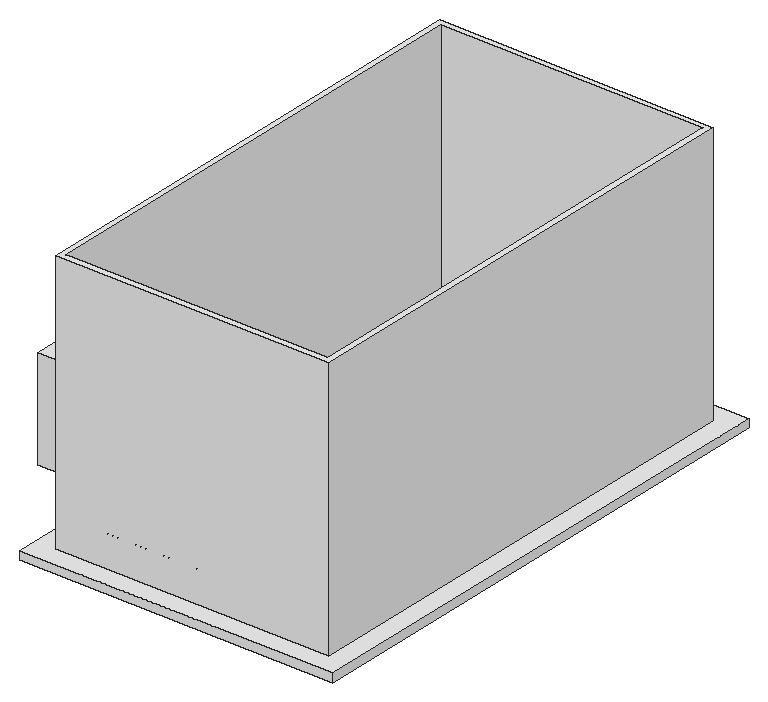
Revit family "Ceiling-Fan_VCDD-050C_Carnes", category Mechanical Equipment, host Ceiling, Revit 2012
Parameters
  ecoScorecard_data = ""
  ecoScorecard Product Page = "http://ecoscorecard.com/"
  Warranty URL = "http://www.carnes.com/GeneralCatalogs/termcond.pdf"
  Housing = Aluminum-Carnes-Spun-Brushed
  URL = "http://www.carnes.com/index.html"
  Specifications URL = ""
  Product Page URL = "http://www.carnes.com/ventilation/vcdd-vcdk.htm"
  Parts List URL = "http://www.carnes.com/ventilation/pdf/22005.pdf"
  Model = "VCDD-050C"  # constant formula
  Material = ""
  Manufacturer Toll Free Phone = ""
  Manufacturer Phone = "608-845-6411"  # constant formula
  Manufacturer Fax = "608-845-6470"  # constant formula
  Manufacturer Email = "mailto:carnes@carnes.com"
  Manufacturer Address = "448 S. Main St., P. O. Box 930040, Verona, WI 53593-0040"  # constant formula
  Manufacturer = "CARNES COMPANY"  # constant formula
  IOM Instructions URL = "http://www.carnes.com/ventilation/pdf/11236.pdf"
  Grill Size = "23-1/4 x 14"
  Grill Depth = 0' - 0 3/8"
  Duct Connector = "4-1/2 x 18"
  Description = "Ceiling Ventilators"  # constant formula
  Cost Info = "mailto:carnes@carnes.com"
  Catalog URL = "http://www.carnes.com/ventilation/pdf/C269-C295.pdf"
  Box Size = "21-1/2 x 12-1/4"
  Box Depth = 0' - 11 3/4"
  Assembly Code = "D3040200"
  95 CSI = "15850"  # constant formula
  04 CSI = "23 37 13"  # constant formula
Reference planes (in)
  plane 1 "Center (Front/Back)": y = 0
  plane 2 "Ceiling": z = 96
  plane 3 "Center (Left/Right)": x = 0
  plane 4: y = 10.75
  plane 5: x = -6.125
  plane 6: y = -10.75
  plane 7: x = 6.125
  plane 8: z = 95.625
  plane 9: z = 107.75
  plane 10: y = 11.625
  plane 11: x = -7
  plane 12: y = -11.625
  plane 13: x = 7
  plane 14: x = 5.875
Forms (in)
  Sweep 1, solid, material "Aluminum-Carnes-Spun-Brushed" <- "Housing", detail levels fine
    path origin (0, 0, 96) x (0, -1, 0) y (1, 0, 0)
      loop
        line (-10.625, 6.125) -> (-10.625, -6.125) -> (10.875, -6.125) -> (10.875, 6.125) -> (-10.625, 6.125)
    profile origin (6.125, -0.125, 96) x (1, 0, 0) y (0, 0, 1)
      loop
        line (0, 0) -> (0, 11.75) -> (-0.25, 11.75) -> (-0.25, 0) -> (0, 0)
  Sweep 2, solid, material "Aluminum-Carnes-Spun-Brushed" <- "Housing", detail levels fine
    path origin (0, 0, 96) x (0, -1, 0) y (1, 0, 0)
      loop
        line (-11.5, 7) -> (-11.5, -7) -> (11.75, -7) -> (11.75, 7) -> (-11.5, 7)
    profile origin (7, -0.125, 96) x (1, 0, 0) y (0, 0, 1)
      loop
        line (0, 0) -> (-1.125, 0) -> (-1.125, -0.375) -> (0, -0.375) -> (0, 0)
  Extrusion 3, solid, material "Aluminum-Carnes-Spun-Brushed", detail levels fine
    sketch origin (0, 0, 96) x (0, 1, 0) y (0, 0, 1)
      loop
        circle (9.99265, -0.1875) r 0.1875
      loop
        circle (9.36029, -0.1875) r 0.1875
      loop
        circle (8.72794, -0.1875) r 0.1875
      loop
        circle (8.09559, -0.1875) r 0.1875
      loop
        circle (7.46324, -0.1875) r 0.1875
      loop
        circle (6.83088, -0.1875) r 0.1875
      loop
        circle (6.19853, -0.1875) r 0.1875
      loop
        circle (5.56618, -0.1875) r 0.1875
      loop
        circle (4.93382, -0.1875) r 0.1875
      loop
        circle (4.30147, -0.1875) r 0.1875
      loop
        circle (3.66912, -0.1875) r 0.1875
      loop
        circle (3.03676, -0.1875) r 0.1875
      loop
        circle (2.40441, -0.1875) r 0.1875
      loop
        circle (1.77206, -0.1875) r 0.1875
      loop
        circle (1.13971, -0.1875) r 0.1875
      loop
        circle (0.50735, -0.1875) r 0.1875
      loop
        circle (-10.24265, -0.1875) r 0.1875
      loop
        circle (-9.61029, -0.1875) r 0.1875
      loop
        circle (-8.97794, -0.1875) r 0.1875
      loop
        circle (-8.34559, -0.1875) r 0.1875
      loop
        circle (-7.71324, -0.1875) r 0.1875
      loop
        circle (-7.08088, -0.1875) r 0.1875
      loop
        circle (-6.44853, -0.1875) r 0.1875
      loop
        circle (-5.81618, -0.1875) r 0.1875
      loop
        circle (-5.18382, -0.1875) r 0.1875
      loop
        circle (-4.55147, -0.1875) r 0.1875
      loop
        circle (-3.91912, -0.1875) r 0.1875
      loop
        circle (-3.28676, -0.1875) r 0.1875
      loop
        circle (-2.65441, -0.1875) r 0.1875
      loop
        circle (-2.02206, -0.1875) r 0.1875
      loop
        circle (-1.38971, -0.1875) r 0.1875
      loop
        circle (-0.75735, -0.1875) r 0.1875
      loop
        circle (-0.125, -0.1875) r 0.1875
    from -5.875 to 5.875
  Sweep 4, solid, material "Aluminum-Carnes-Spun-Brushed" <- "Housing", detail levels fine
    path origin (0, 0, 93.96678) x (0, 1, 0) y (0, 0, 1)
      loop
        line (9.125, 4.03322) -> (9.125, 8.53322) -> (-9.375, 8.53322) -> (-9.375, 4.03322) -> (9.125, 4.03322)
    profile origin (0, 9.125, 100.25) x (0, -1, 0) y (1, 0, 0)
      loop
        line (0, -6.125) -> (0, -8.125) -> (0.125, -8.125) -> (0.125, -6.125) -> (0, -6.125)
Lines and regions (in)
  Opening 1
    outline origin (-60, 60, 97) x (-1, 0, 0) y (0, -1, 0)
      loop
        line (-67, 71.625) -> (-67, 48.375) -> (-53, 48.375) -> (-53, 71.625) -> (-67, 71.625)
  model lines, detail levels coarse+medium
    curve 1: line (-7, 11.625, 96) -> (7, 11.625, 96)
    curve 2: line (7, -11.625, 96) -> (7, 11.625, 96)
    curve 3: line (-7, -11.625, 96) -> (7, -11.625, 96)
    curve 4: line (-7, 9.125, 96) -> (-8.125, 9.125, 96)
    curve 5: line (-8.125, 9.125, 96) -> (-8.125, -9.375, 96)
    curve 6: line (-8.125, -9.375, 96) -> (-7, -9.375, 96)
    curve 7: line (-7, 9.125, 96) -> (-7, 11.625, 96)
    curve 8: line (-7, -11.625, 96) -> (-7, -9.375, 96)
Dimensions and locks (in)
  equal spacing: host sketch curve, plane 3 "Center (Left/Right)", host sketch curve
  equal spacing: host sketch curve, plane 1 "Center (Front/Back)", host sketch curve
  host sketch curve to host sketch curve = 10' - 0"  (x2)
  equal spacing: plane 5, plane 3 "Center (Left/Right)", plane 7
  plane 5 to plane 7 = 1' - 0 1/4"
  equal spacing: plane 4, plane 1 "Center (Front/Back)", plane 6
  plane 4 to plane 6 = 1' - 9 1/2"
  "Grill Depth": plane 2 "Ceiling" to plane 8
  "Box Depth": plane 9 to plane 2 "Ceiling"
  equal spacing: plane 10, plane 1 "Center (Front/Back)", plane 12
  plane 10 to plane 12 = 1' - 11 1/4"
  equal spacing: plane 11, plane 3 "Center (Left/Right)", plane 13
  plane 11 to plane 13 = 1' - 2"
  equal spacing: Extrusion 3 sketch curve, Extrusion 3 sketch curve, Extrusion 3 sketch curve, Extrusion 3 sketch curve, Extrusion 3 sketch curve, Extrusion 3 sketch curve, Extrusion 3 sketch curve, Extrusion 3 sketch curve, Extrusion 3 sketch curve, Extrusion 3 sketch curve, Extrusion 3 sketch curve, Extrusion 3 sketch curve, Extrusion 3 sketch curve, Extrusion 3 sketch curve, Extrusion 3 sketch curve, Extrusion 3 sketch curve, Extrusion 3 sketch curve, Extrusion 3 sketch curve, Extrusion 3 sketch curve, Extrusion 3 sketch curve, Extrusion 3 sketch curve, Extrusion 3 sketch curve, Extrusion 3 sketch curve, Extrusion 3 sketch curve, Extrusion 3 sketch curve, Extrusion 3 sketch curve, Extrusion 3 sketch curve, Extrusion 3 sketch curve, Extrusion 3 sketch curve, Extrusion 3 sketch curve, Extrusion 3 sketch curve, Extrusion 3 sketch curve, Extrusion 3 sketch curve
  aligned and locked: Sweep 1 sketch curve to plane 14
  aligned and locked: Sweep 2 sketch curve to Sweep 1
  aligned and locked: Sweep 2 to Extrusion 3  (x2)
  aligned and locked: curve 1 to plane 10
  aligned and locked: plane 13 to curve 2
  aligned and locked: plane 12 to curve 3
  aligned and locked: Sweep 4 to curve 4
  aligned and locked: curve 5 to Sweep 4
  aligned and locked: curve 6 to Sweep 4
  aligned and locked: curve 8 to plane 11
Automatic sketch dimensions
  Sweep 1 sketch curve to plane 5 = 0' - 0"
  Sweep 1 sketch curve to plane 7 = 0' - 0"
  Sweep 1 sketch curve to plane 4 = 0' - 0 1/8"
  plane 6 to Sweep 1 sketch curve = 0' - 0 1/8"
  profile plane to Sweep 1 sketch curve = 0' - 0"
  Sweep 1 sketch curve to profile plane = 0' - 0"
  profile plane to Sweep 1 sketch curve = 0' - 11 3/4"
  Sweep 2 sketch curve to plane 11 = 0' - 0"
  Sweep 2 sketch curve to plane 13 = 0' - 0"
  Sweep 2 sketch curve to plane 10 = 0' - 0 1/8"
  plane 12 to Sweep 2 sketch curve = 0' - 0 1/8"
  profile plane to Sweep 2 sketch curve = 0' - 0"
  Sweep 2 sketch curve to profile plane = 0' - 0"
  Sweep 2 sketch curve to profile plane = 0' - 0 3/8"
  Extrusion 3 sketch curve to plane 2 "Ceiling" = 0' - 0 3/16"  (x33)
  Extrusion 3 sketch curve to plane 6 = 0' - 0.50735"
  Extrusion 3 sketch curve to Extrusion 3 sketch curve = 0' - 0.63235"  (x30)
  Extrusion 3 sketch curve to plane 1 "Center (Front/Back)" = 0' - 0 1/8"
  plane 1 "Center (Front/Back)" to Extrusion 3 sketch curve = 0' - 0.50735"
  Sweep 4 sketch curve to plane 6 = 0' - 1 3/8"
  Sweep 4 sketch curve to plane 4 = 0' - 1 5/8"
  plane 2 "Ceiling" to Sweep 4 sketch curve = 0' - 2"
  Sweep 4 sketch curve to Sweep 4 sketch curve = 0' - 4 1/2"
  Sweep 4 sketch curve to profile plane = 0' - 0"
  Sweep 4 sketch curve to profile plane = 0' - 0 1/8"
  Sweep 4 sketch curve to profile plane = 0' - 8 1/8"
  Sweep 4 sketch curve to Sweep 4 sketch curve = 0' - 2"
  Opening 1 sketch curve to plane 13 = 0' - 0"
  plane 12 to Opening 1 sketch curve = 0' - 0"
  plane 11 to Opening 1 sketch curve = 0' - 0"
  plane 10 to Opening 1 sketch curve = 0' - 0"
  plane 11 to curve 1 = 0' - 0"
  radius of Extrusion 3 sketch curve = 0' - 0 3/16"  (x33)
